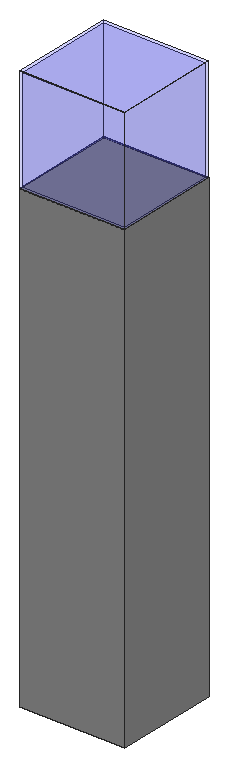
Revit family "Iluminação de caminho - Poste quadrado 1", category Luminárias, Revit 2019
Family settings
  Cota do conector redondo = Utilizar diâmetro
  Tipo de parte = Normal
  Número OmniClass = 23.80.70.00
  Título OmniClass = Lighting
  Com base no plano de trabalho = Não
  Sempre na vertical = Sim
  Corte com vazios quando carregada = Não
  Fonte luminosa = Sim
  Compartilhado = Não
  Ponto de cálculo do ambiente = Não
Parameters
  Wattage = 40 W
  built-in parameter 1150110 = 1 (stored number, unit not read)
  built-in parameter 1114217 = 1 (stored number, unit not read)
  built-in parameter 1150109 = 1 (stored number, unit not read)
  built-in parameter 1150134 = (empty or 0)
  built-in parameter 1150113 = 1 (stored number, unit not read)
  Lumens = 5941.68 lm
  built-in parameter 1150115 = 1 (stored number, unit not read)
  built-in parameter 1150105 = 472.82 (stored number, unit not read)
  Tamanho do símbolo da fonte luminosa = Largura * 2  # 260 mm
  built-in parameter 1150137 = (empty or 0)
  built-in parameter 1150139 = (empty or 0)
  Material de sombra = Vidro
  built-in parameter 1150112 = 1 (stored number, unit not read)
  built-in parameter 1150114 = 1 (stored number, unit not read)
  Largura = 130 mm
  built-in parameter 1150132 = (empty or 0)
  built-in parameter 1150102 = (empty or 0)
  built-in parameter 1150138 = (empty or 0)
  built-in parameter 1150107 = 3000 (stored number, unit not read)
  built-in parameter 1150106 = 4.7282 (stored number, unit not read)
  Altura = 705 mm
  built-in parameter 1150104 = 13.8 (stored number, unit not read)
  Troca de temperatura da cor de lâmpada com esmaecimento = <Nenhum>
  Material da coluna = Metal - Acabamento pintado - Cinza escuro, fosco
  Color Filter = 16777215
  built-in parameter 1114218 = 1 (stored number, unit not read)
  built-in parameter 1150133 = 10 (stored number, unit not read)
Reference planes
  plane 1 "Eixo de origem da luz (F/T)": y = 0
  plane 2: z = 0
  plane 3 "Eixo de origem da luz (E/D)": x = 0
  plane 4 "Elevação da origem da luz": z = 640
  plane 5: y = 65
  plane 6: y = -65
  plane 7: x = -65
  plane 8: x = 65
  plane 9: z = 705
  plane 10: z = 575
  plane 11: x = -63
  plane 12: x = 63
  plane 13: y = 63
  plane 14: y = -63
  plane 15: z = 703
Forms (mm)
  Extrusion 1, solid, material "Metal - Acabamento pintado - Cinza escuro, fosco" <- "Material da coluna"
    sketch origin (0, 0, 0) x (1, 0, 0) y (0, 0, 1)
      loop
        line (65, 575) -> (-65, 575) -> (-65, 0) -> (65, 0) -> (65, 575)
    from -65 to 65
  Extrusion 2, solid, material "Vidro" <- "Material de sombra"
    sketch origin (0, 0, 0) x (1, 0, 0) y (0, 1, 0)
      loop
        line (-65, 65) -> (-65, -65) -> (65, -65) -> (65, 65) -> (-65, 65)
      loop
        line (-63, 63) -> (-63, -63) -> (63, -63) -> (63, 63) -> (-63, 63)
    from 575 to 705
  Extrusion 3, solid, material "Vidro" <- "Material de sombra"
    sketch origin (0, 0, 0) x (1, 0, 0) y (0, 1, 0)
      loop
        line (-63, 63) -> (-63, -63) -> (63, -63) -> (63, 63) -> (-63, 63)
    from 703 to 705
Cuts and joins
  joined: Extrusion 2, Extrusion 3
Dimensions and locks
  equal spacing: plane 7, plane 3 "Eixo de origem da luz (E/D)", plane 8
  equal spacing: plane 5, plane 1 "Eixo de origem da luz (F/T)", plane 6
  "Largura": plane 7 to plane 8
  "Largura": plane 5 to plane 6
  equal spacing: plane 10, plane 4 "Elevação da origem da luz", plane 9
  "Largura": plane 10 to plane 9
  locked: plane 7 to plane 11 at 2
  locked: plane 12 to plane 8 at 2
  locked: plane 5 to plane 13 at 2
  locked: plane 14 to plane 6 at 2
  locked: plane 15 to plane 9 at 2
  "Altura": plane 2 to plane 9
  aligned and locked: plane 3 "Eixo de origem da luz (E/D)" to imposter light
  aligned and locked: plane 1 "Eixo de origem da luz (F/T)" to imposter light
  aligned and locked: plane 4 "Elevação da origem da luz" to imposter light
  aligned and locked: level to plane 2
  aligned and locked: plane 2 to Extrusion 1 sketch curve
  aligned and locked: Extrusion 1 sketch curve to plane 8
  aligned and locked: plane 7 to Extrusion 1 sketch curve
  aligned and locked: Extrusion 1 sketch curve to plane 10
  aligned and locked: plane 5 to Extrusion 1
  aligned and locked: Extrusion 1 to plane 6
  aligned and locked: Extrusion 2 sketch curve to plane 5
  aligned and locked: Extrusion 2 sketch curve to plane 13
  aligned and locked: plane 11 to Extrusion 2 sketch curve
  aligned and locked: plane 7 to Extrusion 2 sketch curve
  aligned and locked: plane 14 to Extrusion 2 sketch curve
  aligned and locked: plane 6 to Extrusion 2 sketch curve
  aligned and locked: Extrusion 2 sketch curve to plane 12
  aligned and locked: Extrusion 2 sketch curve to plane 8
  aligned and locked: plane 9 to Extrusion 2
  aligned and locked: Extrusion 2 to plane 10
  aligned and locked: Extrusion 3 sketch curve to plane 13
  aligned and locked: Extrusion 3 sketch curve to plane 12
  aligned and locked: plane 14 to Extrusion 3 sketch curve
  aligned and locked: plane 11 to Extrusion 3 sketch curve
  aligned and locked: Extrusion 3 to plane 15
  aligned and locked: plane 9 to Extrusion 3
